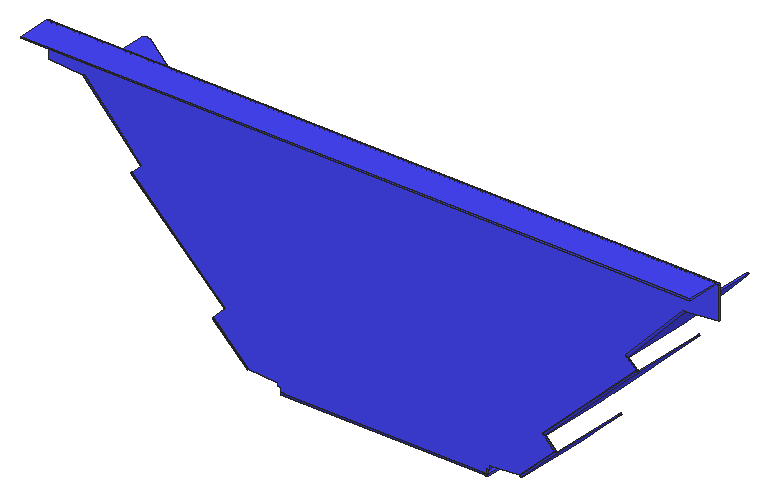
Revit family "止水面戸(棟立上用)(DL-47)", category 一般モデル, Revit 2021
Family settings
  鉄筋をホスト可能 = いいえ
  丸型コネクタ寸法 = 直径を使用
  パーツ タイプ = 標準
  作業面ベース = いいえ
  常に垂直 = はい
  ロード時にボイドで切り取り = いいえ
  共有 = いいえ
  部屋計算ポイント = いいえ
Parameters
  既定の高さ = 0 mm
Reference planes
  plane 1 "中心(正面/背面)": y = 0
  plane 2: z = 0
  plane 3 "中心(左/右)": x = 0
Forms (mm)
  Sweep 1, solid, material "ポシェ"
    path origin (0, 0, -0.19) x (1, 0, 0) y (0, 0, 1)
      loop
        line (-228.996, 175.014) -> (229, 175.014)
    profile origin (0.002, 0, 174.824) x (0, 0, 1) y (0, -1, 0)
      loop
        line (0.209, 50.6) -> (-0.591, 50.6) -> (-0.591, 27.7)
        arc (-0.591, 27.7) -> (-0.957, 26.669) -> (-1.891, 26.1) r 1.635
        line (-1.891, 26.1) -> (-1.891, 25.3)
        arc (-1.891, 25.3) -> (-0.39, 26.105) -> (0.209, 27.7) r 2.421
        line (0.209, 27.7) -> (0.209, 50.6)
  Sweep 2, solid, material "ポシェ"
    path origin (0, 0, 0) x (1, 0, 0) y (0, 0, 1)
      loop
        line (-70.716, 0) -> (70.716, 0)
    profile origin (0, 0, 0) x (0, 0, 1) y (0, -1, 0)
      loop
        line (0, 24.4) -> (0, -24.4) -> (0.8, -24.4) -> (0.8, 24.4)
        arc (0.8, 24.4) -> (1.064, 25.036) -> (1.7, 25.3) r 0.9
        line (1.7, 25.3) -> (1.7, 26.1)
        arc (1.7, 26.1) -> (0.498, 25.602) -> (0, 24.4) r 1.7
  Extrusion 3, solid, material "ポシェ"
    sketch origin (0, 0, 0) x (1, 0, 0) y (0, 0, 1)
      loop
        line (-228.996, 150.922) -> (-204.476, 148.787) -> (-165.469, 107.682) -> (-172.686, 100.833) -> (-108.626, 40.042) -> (-116.739, 31.493) -> (-92.7, 8.681) -> (-72.569, 7.064) -> (-72.569, 5) -> (-70.716, 5) -> (-70.716, 1.7) -> (70.716, 1.7) -> (70.716, 5) -> (72.569, 5) -> (72.569, 7.064) -> (92.7, 8.681) -> (116.739, 31.493) -> (108.626, 40.042) -> (172.685, 100.832) -> (165.468, 107.681) -> (204.476, 148.787) -> (229, 150.923) -> (229, 172.933) -> (-228.996, 172.933) -> (-228.996, 150.922)
    from 25.3 to 26.1
  Sweep 4, solid, material "ポシェ"
    path origin (145.166, 0, 56.126) x (0.725374, 0, 0.688355) y (-0.688355, 0, 0.725374)
      loop
        line (-70.716, 0) -> (-37.576, 0)
    profile origin (105.889, 0, 18.854) x (-0.688355, 0, 0.725374) y (0, -1, 0)
      loop
        line (0, 24.4) -> (0, -32.4) -> (0.8, -32.4) -> (0.8, 24.4)
        arc (0.8, 24.4) -> (1.064, 25.036) -> (1.7, 25.3) r 0.9
        line (1.7, 25.3) -> (1.7, 26.1)
        arc (1.7, 26.1) -> (0.498, 25.602) -> (0, 24.4) r 1.7
  Extrusion 5, void
    sketch origin (66.613, 8, -18.418) x (0.725374, 0, 0.688355) y (0, 1, 0)
      loop
        line (70.716, 19.4) -> (70.716, 24.4) -> (65.716, 24.4)
        arc (65.716, 24.4) -> (69.252, 22.936) -> (70.716, 19.4) r 5
    from 0 to 6.224
  Extrusion 6, void
    sketch origin (145.166, 8, 56.126) x (-0.725374, 0, -0.688355) y (0, -1, 0)
      loop
        arc (70.716, -19.4) -> (69.252, -22.936) -> (65.716, -24.4) r 5
        line (65.716, -24.4) -> (70.716, -24.4) -> (70.716, -19.4)
    from 0 to 6.224
  Sweep 7, solid, material "ポシェ"
    path origin (161.092, 0, 87.487) x (0.725374, 0, 0.688355) y (-0.688355, 0, 0.725374)
      loop
        line (-70.716, 0) -> (29.284, 0)
    profile origin (146.065, 0, 73.227) x (-0.688355, 0, 0.725374) y (0, -1, 0)
      loop
        line (0, 24.4) -> (0, -29.4) -> (0.8, -29.4) -> (0.8, 24.4)
        arc (0.8, 24.4) -> (1.064, 25.036) -> (1.7, 25.3) r 0.9
        line (1.7, 25.3) -> (1.7, 26.1)
        arc (1.7, 26.1) -> (0.498, 25.602) -> (0, 24.4) r 1.7
  Extrusion 8, void
    sketch origin (161.092, 5, 87.487) x (-0.725374, 0, -0.688355) y (0, -1, 0)
      loop
        arc (70.716, -19.4) -> (69.252, -22.936) -> (65.716, -24.4) r 5
        line (65.716, -24.4) -> (70.716, -24.4) -> (70.716, -19.4)
    from -2.866 to 6.224
  Extrusion 9, void
    sketch origin (122.624, 5, 50.982) x (0.725376, 0, 0.688353) y (0, 1, 0)
      loop
        line (70.674, 19.4) -> (70.674, 24.4) -> (65.674, 24.4)
        arc (65.674, 24.4) -> (69.21, 22.936) -> (70.674, 19.4) r 5
    from -2.866 to 6.224
  Extrusion 10, void
    sketch origin (0, 0, 0) x (1, 0, 0) y (0, 0, 1)
      loop
        line (173.889, 99.631) -> (182.334, 107.644) -> (181.163, 108.878) -> (172.685, 100.832) -> (173.339, 100.212) -> (173.889, 99.631)
    from -36.518 to 34.228
  Sweep 11, solid, material "ポシェ"
    path origin (215.379, 0, 157.806) x (0.688355, 0, 0.725374) y (-0.725374, 0, 0.688355)
      loop
        line (-70.716, 0) -> (-12.127, 0)
    profile origin (186.866, 0, 127.76) x (-0.725374, 0, 0.688355) y (0, -1, 0)
      loop
        line (0, 24.4) -> (0, -29.4) -> (0.8, -29.4) -> (0.8, 24.4)
        arc (0.8, 24.4) -> (1.064, 25.036) -> (1.7, 25.3) r 0.9
        line (1.7, 25.3) -> (1.7, 26.1)
        arc (1.7, 26.1) -> (0.498, 25.602) -> (0, 24.4) r 1.7
  Sweep 12, solid, material "ポシェ"
    path origin (-145.166, 0, 56.126) x (-0.725374, 0, 0.688355) y (-0.688355, 0, -0.725374)
      loop
        line (-70.716, 0) -> (-37.576, 0)
    profile origin (-105.889, 0, 18.854) x (-0.688355, 0, -0.725374) y (0, -1, 0)
      loop
        arc (0, 24.4) -> (-0.498, 25.602) -> (-1.7, 26.1) r 1.7
        line (-1.7, 26.1) -> (-1.7, 25.3)
        arc (-1.7, 25.3) -> (-1.064, 25.036) -> (-0.8, 24.4) r 0.9
        line (-0.8, 24.4) -> (-0.8, -32.4) -> (0, -32.4) -> (0, 24.4)
  Sweep 13, solid, material "ポシェ"
    path origin (-215.379, 0, 157.806) x (-0.688355, 0, 0.725374) y (-0.725374, 0, -0.688355)
      loop
        line (-70.716, 0) -> (-12.127, 0)
    profile origin (-186.866, 0, 127.76) x (-0.725374, 0, -0.688355) y (0, -1, 0)
      loop
        arc (0, 24.4) -> (-0.498, 25.602) -> (-1.7, 26.1) r 1.7
        line (-1.7, 26.1) -> (-1.7, 25.3)
        arc (-1.7, 25.3) -> (-1.064, 25.036) -> (-0.8, 24.4) r 0.9
        line (-0.8, 24.4) -> (-0.8, -29.4) -> (0, -29.4) -> (0, 24.4)
  Sweep 14, solid, material "ポシェ"
    path origin (-161.092, 0, 87.487) x (-0.725374, 0, 0.688355) y (-0.688355, 0, -0.725374)
      loop
        line (-70.716, 0) -> (29.284, 0)
    profile origin (-146.065, 0, 73.227) x (-0.688355, 0, -0.725374) y (0, -1, 0)
      loop
        arc (0, 24.4) -> (-0.498, 25.602) -> (-1.7, 26.1) r 1.7
        line (-1.7, 26.1) -> (-1.7, 25.3)
        arc (-1.7, 25.3) -> (-1.064, 25.036) -> (-0.8, 24.4) r 0.9
        line (-0.8, 24.4) -> (-0.8, -29.4) -> (0, -29.4) -> (0, 24.4)
  Extrusion 15, void
    sketch origin (0, 0, 0) x (-1, 0, 0) y (0, 0, -1)
      loop
        line (173.889, -99.631) -> (173.339, -100.212) -> (172.685, -100.832) -> (181.163, -108.878) -> (182.334, -107.644) -> (173.889, -99.631)
    from -36.518 to 50.525
  Extrusion 16, void
    sketch origin (162.897, 5, 93.46) x (0.688355, 0, 0.725374) y (0, 1, 0)
      loop
        line (70.674, 19.4) -> (70.674, 24.4) -> (65.674, 24.4)
        arc (65.674, 24.4) -> (69.21, 22.936) -> (70.674, 19.4) r 5
    from 0.935 to 7.024
  Extrusion 17, void
    sketch origin (219.864, 5, 153.492) x (-0.688355, 0, -0.725374) y (0, -1, 0)
      loop
        arc (70.674, -19.4) -> (69.21, -22.936) -> (65.674, -24.4) r 5
        line (65.674, -24.4) -> (70.674, -24.4) -> (70.674, -19.4)
    from 0.935 to 7.024
  Extrusion 18, void
    sketch origin (-66.613, 8, -18.418) x (-0.725374, 0, 0.688355) y (0, -1, 0)
      loop
        arc (70.716, -19.4) -> (69.252, -22.936) -> (65.716, -24.4) r 5
        line (65.716, -24.4) -> (70.716, -24.4) -> (70.716, -19.4)
    from 0 to 6.224
  Extrusion 19, void
    sketch origin (-145.166, 8, 56.126) x (0.725374, 0, -0.688355) y (0, 1, 0)
      loop
        line (70.716, 19.4) -> (70.716, 24.4) -> (65.716, 24.4)
        arc (65.716, 24.4) -> (69.252, 22.936) -> (70.716, 19.4) r 5
    from 0 to 6.224
  Extrusion 20, void
    sketch origin (-161.092, 5, 87.487) x (0.725374, 0, -0.688355) y (0, 1, 0)
      loop
        line (70.716, 19.4) -> (70.716, 24.4) -> (65.716, 24.4)
        arc (65.716, 24.4) -> (69.252, 22.936) -> (70.716, 19.4) r 5
    from -2.866 to 6.224
  Extrusion 21, void
    sketch origin (-122.624, 5, 50.982) x (-0.725376, 0, 0.688353) y (0, -1, 0)
      loop
        arc (70.674, -19.4) -> (69.21, -22.936) -> (65.674, -24.4) r 5
        line (65.674, -24.4) -> (70.674, -24.4) -> (70.674, -19.4)
    from -2.866 to 6.224
  Extrusion 22, void
    sketch origin (-162.897, 5, 93.46) x (-0.688355, 0, 0.725374) y (0, -1, 0)
      loop
        arc (70.674, -19.4) -> (69.21, -22.936) -> (65.674, -24.4) r 5
        line (65.674, -24.4) -> (70.674, -24.4) -> (70.674, -19.4)
    from 0.935 to 7.024
  Extrusion 23, void
    sketch origin (-219.864, 5, 153.492) x (0.688355, 0, -0.725374) y (0, 1, 0)
      loop
        line (70.674, 19.4) -> (70.674, 24.4) -> (65.674, 24.4)
        arc (65.674, 24.4) -> (69.21, 22.936) -> (70.674, 19.4) r 5
    from 0.935 to 7.024
Cuts and joins
  Extrusion 5, Extrusion 6, Extrusion 18, Extrusion 19 cuts Sweep 4
  Extrusion 8, Extrusion 9, Extrusion 10, Extrusion 15, Extrusion 16, Extrusion 20, Extrusion 21 cuts Sweep 7
  Extrusion 17, Extrusion 22, Extrusion 23 cuts Extrusion 3
  Extrusion 16, Extrusion 17, Extrusion 22, Extrusion 23 cuts Sweep 11
  Extrusion 17, Extrusion 22, Extrusion 23 cuts Sweep 13
  joined: Extrusion 3, Sweep 11, Sweep 13
  Extrusion 15, Extrusion 20, Extrusion 21 cuts Sweep 14
  Extrusion 18, Extrusion 19 cuts Sweep 12
Dimensions and locks
  aligned and locked: level to plane 2
